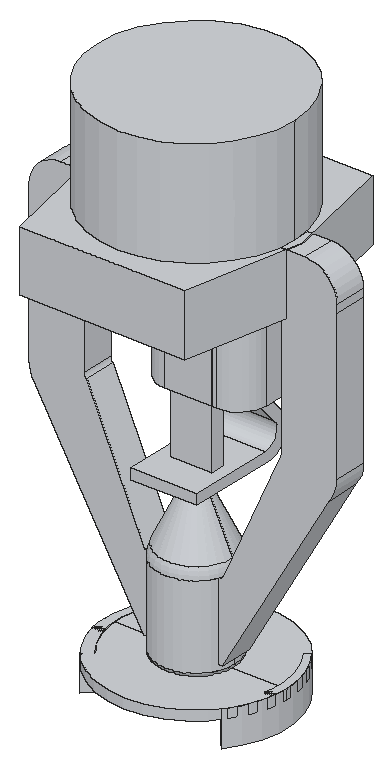
Revit family
Parameters (values of type "RASCO G VELO")
  Temperature Rating = 212 °F
  Response = (empty or 0)
  RASCO SIN # = "R4613"
  RASCO Part # = "GPV2B"
  Pressure Rating = ""
  Pressure Class = (empty or 0)
  Orifice Size = 3/4"
  Orifice = (empty or 0)
  Model = "G VELO"
  Manufacturer = "RASCO"
  K-Factor = 14
  Diameter = 3/4"
  Description = "BRASS FINISH"
  Coverage = (empty or 0)
Reference planes (in)
  plane 1 "Center (Front/Back)": y = 0
  plane 2: z = 0
  plane 3 "Center (Left/Right)": x = 0
Nested families (in)
  nested 1: "RASCO- GPV2B" at (-0.00025, -9.52089, 3.54408) x (-1, 0, -0.0001) z (0.0001, 0, -1), type "RASCO G VELO"
Connectors (in)
  piping at (-0.00023, -9.52089, 3.22204)
    settings: on nested 1, index 1, connector radius 1/2", flow factor 0, pipe flow 0 GPM, pressure drop 0.00 psi, fitting loss kfactor 0, connector angle 0.00°, fixture units 0, flow configuration 0, flow direction 0, fitting loss method 0, system type 7, connector reference index -1, connector utility 0, adjustable connector no, is connector primary yes, fitting loss table "", connector description ""
Definition of nested family "RASCO- GPV2B"
  Parameters (values of type "RASCO G VELO")
    Type Comments = ""
    Temperature Rating = 0 °F
    Response = (empty or 0)
    Pressure Rating = "0"
    Pressure Class = (empty or 0)
    Orifice Size = 0"
    Orifice = (empty or 0)
    Model = ""
    Manufacturer = ""
    K-Factor = 0
    Description = ""
    Coverage = (empty or 0)
    Assembly Code = ""
  Reference planes (in)
    plane 1 "Center (Front/Back)": y = 0
    plane 2: z = 0
    plane 3 "REF.1": z = 0.888
    plane 4 "top": z = 2.8125
    plane 5: x = -0.81624
    plane 6: x = 0.81332
    plane 7 "ref.2": z = 2.12402
    plane 8 "head": z = 2.72724
    plane 9 "left/right center": x = 0
    plane 10 "screw": z = 1.98251
    plane 11 "link2": through (0, -0.02489, 1.21079) normal (0, 0.6767, -0.7363)
    plane 12: z = 3.22204
    plane 13: z = 1.213
  Forms (in)
    Extrusion 1, solid
      sketch origin (0, 0, 0) x (1, 0, 0) y (0, 1, 0)
        loop
          circle (0, 0) r 0.5221
      from 0.32204 to 0.888
    Extrusion 2, solid
      sketch origin (0, 0, 0.888) x (-1, 0, 0) y (0, -1, 0)
        loop
          line (-0.43619, -0.62052) -> (0.4375, -0.62052) -> (0.56391, 0) -> (0.4375, 0.62052) -> (-0.43619, 0.62052) -> (-0.56259, 0) -> (-0.43619, -0.62052)
      from 0 to 0.325
    Extrusion 3, solid
      sketch origin (0, 0, 0) x (1, 0, 0) y (0, 0, 1)
        loop
          line (-0.5221, 0.888) -> (-0.5221, 1.098) -> (-0.5221, 1.86141)
          arc (-0.5221, 1.86141) -> (-0.5194, 1.87757) -> (-0.51161, 1.89198) r 0.04979
          line (-0.51161, 1.89198) -> (-0.20975, 2.56997) -> (0.20179, 2.56997) -> (0.5115, 1.87435)
          arc (0.5115, 1.87435) -> (0.51938, 1.85983) -> (0.5221, 1.84354) r 0.05007
          line (0.5221, 1.84354) -> (0.5221, 1.098) -> (0.5221, 0.888) -> (0.64763, 0.888)
          arc (0.64763, 0.888) -> (0.76676, 0.93734) -> (0.8161, 1.05647) r 0.16847
          line (0.8161, 1.05647) -> (0.8161, 1.098) -> (0.8161, 1.88537)
          arc (0.8161, 1.88537) -> (0.80631, 1.94391) -> (0.77801, 1.99608) r 0.17993
          line (0.77801, 1.99608) -> (0.20933, 2.98106) -> (-0.20975, 2.98106) -> (-0.77818, 1.99651)
          arc (-0.77818, 1.99651) -> (-0.80636, 1.94441) -> (-0.8161, 1.88599) r 0.18
          line (-0.8161, 1.88599) -> (-0.8161, 1.098) -> (-0.8161, 1.05594)
          arc (-0.8161, 1.05594) -> (-0.76691, 0.93719) -> (-0.64816, 0.888) r 0.16794
          line (-0.64816, 0.888) -> (-0.5221, 0.888)
      from -0.08649 to 0.08732
    Revolve 4, solid
      sketch origin (0, 0, 0) x (1, 0, 0) y (0, 0, 1)
        loop
          line (-0.00066, 3.03227) -> (-0.18738, 3.03227)
          arc (-0.18738, 3.03227) -> (-0.20121, 3.02654) -> (-0.20695, 3.0127) r 0.01957
          line (-0.20695, 3.0127) -> (-0.20695, 2.57443)
          arc (-0.20695, 2.57443) -> (-0.20355, 2.54377) -> (-0.19354, 2.51459) r 0.14031
          line (-0.19354, 2.51459) -> (-0.03397, 2.17619) -> (-0.00066, 2.17619) -> (-0.00066, 3.03227)
        axis (-0.00066, 3.03227) -> (-0.00066, 2.17619)
      angle from 0 to 360
    Extrusion 5, solid
      sketch origin (0, 0, 0) x (1, 0, 0) y (0, 0, 1)
        loop
          line (0.10934, 1.213) -> (0.10934, 2.12264) -> (-0.11066, 2.12264) -> (-0.11066, 1.213) -> (0.10934, 1.213)
      from -0.03602 to 0.03346
    Extrusion 6, solid
      sketch origin (0, 0, 0) x (1, 0, 0) y (0, 1, 0)
        loop
          line (-0.13782, -0.03346) -> (0.13824, -0.03346)
          arc (0.13824, -0.03346) -> (0.24228, 0.00963) -> (0.28537, 0.11367) r 0.14713
          line (0.28537, 0.11367) -> (0.28537, 0.36654) -> (0.21637, 0.36654) -> (0.21637, 0.12177)
          arc (0.21637, 0.12177) -> (0.19125, 0.06113) -> (0.13062, 0.03602) r 0.08575
          line (0.13062, 0.03602) -> (-0.12969, 0.03602)
          arc (-0.12969, 0.03602) -> (-0.19046, 0.06119) -> (-0.21563, 0.12195) r 0.08594
          line (-0.21563, 0.12195) -> (-0.21563, 0.36654) -> (-0.28463, 0.36654) -> (-0.28463, 0.11335)
          arc (-0.28463, 0.11335) -> (-0.24163, 0.00954) -> (-0.13782, -0.03346) r 0.14681
      from 1.30472 to 1.80738
    Extrusion 7, solid
      sketch origin (0, 0, 0) x (0, 0, -1) y (0, -1, 0)
        loop
          circle (-1.56307, -0.22442) r 0.13793
      from -0.21637 to 0.21563
    Extrusion 8, solid
      sketch origin (0, 0, 0) x (0, 0, -1) y (0, -1, 0)
        loop
          arc (-2.17619, -0.26024) -> (-2.1058, -0.36958) -> (-1.97714, -0.35076) r 0.12011
          line (-1.97714, -0.35076) -> (-1.74478, -0.14809)
          arc (-1.74478, -0.14809) -> (-1.6682, -0.1024) -> (-1.58045, -0.08649) r 0.25
          line (-1.58045, -0.08649) -> (-1.42416, -0.08649) -> (-1.42416, -0.03602) -> (-1.5818, -0.03602)
          arc (-1.5818, -0.03602) -> (-1.69102, -0.05581) -> (-1.78634, -0.11268) r 0.31117
          line (-1.78634, -0.11268) -> (-1.99985, -0.29891)
          arc (-1.99985, -0.29891) -> (-2.07893, -0.31048) -> (-2.12219, -0.24328) r 0.07382
          line (-2.12219, -0.24328) -> (-2.12219, 0.21398) -> (-2.17619, 0.21398) -> (-2.17619, -0.26024)
      from -0.17291 to 0.17375
    Revolve 9, solid
      sketch origin (0, 0, 0) x (1, 0, 0) y (0, 0, 1)
        loop
          line (0, 3.03474) -> (0, 3.08474) -> (-0.48, 3.08474) -> (-0.48, 3.03474) -> (0, 3.03474)
        axis (0, 3.08474) -> (0, 3.03474)
      angle from 0 to 360
    Extrusion 10, solid
      sketch origin (0, 0, 2.8125) x (-1, 0, 0) y (0, -1, 0)
        loop
          arc (-0.37523, 0.29934) -> (-0.48, -0.00091) -> (-0.37409, -0.30076) r 0.48
          line (-0.37409, -0.30076) -> (-0.35081, -0.27748)
          arc (-0.35081, -0.27748) -> (-0.43381, -0.00758) -> (-0.3315, 0.25561) r 0.43
          line (-0.3315, 0.25561) -> (-0.37523, 0.29934)
        loop
          arc (0.37467, -0.30003) -> (0.48, -0.00091) -> (0.37581, 0.29861) r 0.48
          line (0.37581, 0.29861) -> (0.33713, 0.25993)
          arc (0.33713, 0.25993) -> (0.43606, -0.00512) -> (0.34891, -0.27427) r 0.43
          line (0.34891, -0.27427) -> (0.37467, -0.30003)
      from 0.22224 to 0.40954
  Dimensions and locks (in)
    plane 5 to Extrusion 6 = 0' - 1.10161"
